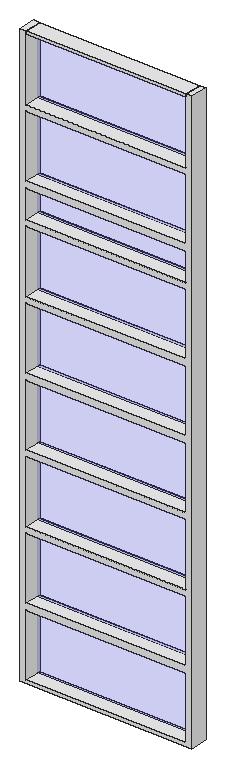
Revit family
Parameters
  창 패널 = ACW2 창 패널
  창 프레임 = ACW2 창 프레임
  높이 2 = 높이 1 * 2  # 600 mm
  높이 1 = Height / 17  # 300 mm
  Height = 5100 mm
  기본 씰 높이 = 0 mm
  Wall Closure = (empty or 0)
  Width = 1500 mm
  창 두께 = 150 mm
Reference planes
  plane 1: y = 0
  plane 2 "중심(왼쪽/오른쪽)": x = 0
  plane 3 "왼쪽": x = -750
  plane 4 "오른쪽": x = 750
  plane 5 "씰": z = 0
  plane 6 "헤드": z = 5100
  plane 7 "외부": y = 100
  plane 8 "내부": y = -100
  plane 9: z = 4500
  plane 10: z = 3900
  plane 11: z = 3600
  plane 12: z = 3000
  plane 13: z = 2400
  plane 14: z = 1800
  plane 15: z = 1200
  plane 16: z = 600
  plane 17: y = -75
  plane 18: y = 75
  plane 19: y = 66
  plane 20: y = 44
  plane 21: y = 35
  plane 22: x = -700
  plane 23: x = 700
  plane 24: z = 575
  plane 25: z = 625
  plane 26: z = 1175
  plane 27: z = 1225
  plane 28: z = 1775
  plane 29: z = 1825
  plane 30: z = 2375
  plane 31: z = 2425
  plane 32: z = 3025
  plane 33: z = 2975
  plane 34: z = 3575
  plane 35: z = 3625
  plane 36: z = 3875
  plane 37: z = 3925
  plane 38: z = 4475
  plane 39: z = 4525
  plane 40: z = 25
  plane 41: z = 5075
Forms (mm)
  Extrusion 1, solid, material "ACW2 창 프레임" <- "창 프레임"
    sketch origin (-2165.69, 265, 1175) x (0, 1, 0) y (1, 0, 0)
      loop
        line (-190, 2865.69) -> (-340, 2865.69) -> (-340, 1465.69) -> (-190, 1465.69) -> (-190, 2865.69)
    from 0 to -50
  Extrusion 2, solid, material "ACW2 창 프레임" <- "창 프레임"
    sketch origin (-2165.69, 265, 575) x (0, 1, 0) y (1, 0, 0)
      loop
        line (-190, 2865.69) -> (-340, 2865.69) -> (-340, 1465.69) -> (-190, 1465.69) -> (-190, 2865.69)
    from 0 to -50
  Extrusion 3, solid, material "ACW2 창 프레임" <- "창 프레임"
    sketch origin (-2165.69, 265, 1775) x (0, 1, 0) y (1, 0, 0)
      loop
        line (-190, 2865.69) -> (-340, 2865.69) -> (-340, 1465.69) -> (-190, 1465.69) -> (-190, 2865.69)
    from 0 to -50
  Extrusion 4, solid, material "ACW2 창 프레임" <- "창 프레임"
    sketch origin (-2165.69, 265, 2375) x (0, 1, 0) y (1, 0, 0)
      loop
        line (-190, 2865.69) -> (-340, 2865.69) -> (-340, 1465.69) -> (-190, 1465.69) -> (-190, 2865.69)
    from 0 to -50
  Extrusion 5, solid, material "ACW2 창 프레임" <- "창 프레임"
    sketch origin (-2165.69, 265, 2975) x (0, 1, 0) y (1, 0, 0)
      loop
        line (-190, 2865.69) -> (-340, 2865.69) -> (-340, 1465.69) -> (-190, 1465.69) -> (-190, 2865.69)
    from 0 to -50
  Extrusion 6, solid, material "ACW2 창 프레임" <- "창 프레임"
    sketch origin (-2165.69, 265, 3575) x (0, 1, 0) y (1, 0, 0)
      loop
        line (-190, 2865.69) -> (-340, 2865.69) -> (-340, 1465.69) -> (-190, 1465.69) -> (-190, 2865.69)
    from 0 to -50
  Extrusion 7, solid, material "ACW2 창 프레임" <- "창 프레임"
    sketch origin (-2165.69, 265, 3875) x (0, 1, 0) y (1, 0, 0)
      loop
        line (-190, 2865.69) -> (-340, 2865.69) -> (-340, 1465.69) -> (-190, 1465.69) -> (-190, 2865.69)
    from 0 to -50
  Extrusion 8, solid, material "ACW2 창 프레임" <- "창 프레임"
    sketch origin (-2165.69, 265, 4475) x (0, 1, 0) y (1, 0, 0)
      loop
        line (-190, 2865.69) -> (-340, 2865.69) -> (-340, 1465.69) -> (-190, 1465.69) -> (-190, 2865.69)
    from 0 to -50
  Extrusion 9, solid, material "ACW2 창 패널" <- "창 패널"
    sketch origin (0, 0, 0) x (1, 0, 0) y (0, 1, 0)
      loop
        line (-700, 66) -> (-700, 44) -> (700, 44) -> (700, 66) -> (-700, 66)
    from 25 to 575
  Extrusion 10, solid, material "ACW2 창 패널" <- "창 패널"
    sketch origin (0, 0, 575) x (1, 0, 0) y (0, 1, 0)
      loop
        line (-700, 66) -> (-700, 44) -> (700, 44) -> (700, 66) -> (-700, 66)
    from 50 to 600
  Extrusion 11, solid, material "ACW2 창 패널" <- "창 패널"
    sketch origin (0, 0, 1175) x (1, 0, 0) y (0, 1, 0)
      loop
        line (-700, 66) -> (-700, 44) -> (700, 44) -> (700, 66) -> (-700, 66)
    from 50 to 600
  Extrusion 12, solid, material "ACW2 창 패널" <- "창 패널"
    sketch origin (0, 0, 1775) x (1, 0, 0) y (0, 1, 0)
      loop
        line (-700, 66) -> (-700, 44) -> (700, 44) -> (700, 66) -> (-700, 66)
    from 50 to 600
  Extrusion 13, solid, material "ACW2 창 패널" <- "창 패널"
    sketch origin (0, 0, 2375) x (1, 0, 0) y (0, 1, 0)
      loop
        line (-700, 66) -> (-700, 44) -> (700, 44) -> (700, 66) -> (-700, 66)
    from 50 to 600
  Extrusion 14, solid, material "ACW2 창 패널" <- "창 패널"
    sketch origin (0, 0, 2975) x (1, 0, 0) y (0, 1, 0)
      loop
        line (-700, 66) -> (-700, 44) -> (700, 44) -> (700, 66) -> (-700, 66)
    from 50 to 600
  Extrusion 15, solid, material "ACW2 창 패널" <- "창 패널"
    sketch origin (0, 0, 3575) x (1, 0, 0) y (0, 1, 0)
      loop
        line (-700, 66) -> (-700, 44) -> (700, 44) -> (700, 66) -> (-700, 66)
    from 50 to 300
  Extrusion 16, solid, material "ACW2 창 패널" <- "창 패널"
    sketch origin (0, 0, 3875) x (1, 0, 0) y (0, 1, 0)
      loop
        line (-700, 66) -> (-700, 44) -> (700, 44) -> (700, 66) -> (-700, 66)
    from 50 to 600
  Extrusion 17, solid, material "ACW2 창 패널" <- "창 패널"
    sketch origin (0, 0, 4475) x (1, 0, 0) y (0, 1, 0)
      loop
        line (-700, 66) -> (-700, 44) -> (700, 44) -> (700, 66) -> (-700, 66)
    from 50 to 600
  Extrusion 18, solid, material "ACW2 창 프레임" <- "창 프레임"
    sketch origin (0, 0, 0) x (1, 0, 0) y (0, 1, 0)
      loop
        line (-750, 75) -> (-750, -75) -> (-700, -75) -> (-700, 75) -> (-750, 75)
      loop
        line (700, 75) -> (700, -75) -> (750, -75) -> (750, 75) -> (700, 75)
    from 0 to 5100
  Extrusion 19, solid, material "ACW2 창 프레임" <- "창 프레임"
    sketch origin (-2165.69, 265, 0) x (0, 1, 0) y (1, 0, 0)
      loop
        line (-190, 2865.69) -> (-340, 2865.69) -> (-340, 1465.69) -> (-190, 1465.69) -> (-190, 2865.69)
    from 0 to -25
  Extrusion 20, solid, material "ACW2 창 프레임" <- "창 프레임"
    sketch origin (-2165.69, 265, 5050) x (0, 1, 0) y (1, 0, 0)
      loop
        line (-190, 2865.69) -> (-340, 2865.69) -> (-340, 1465.69) -> (-190, 1465.69) -> (-190, 2865.69)
    from -25 to -50
Cuts and joins
  joined: Extrusion 1, Extrusion 2, Extrusion 3, Extrusion 4, Extrusion 5, Extrusion 6, Extrusion 7, Extrusion 8, Extrusion 18, Extrusion 19
Lines and regions (mm)
  Opening 1
    outline origin (3500, -100, 0) x (1, 0, 0) y (0, 0, 1)
      loop
        line (-2750, 0) -> (-2750, 5100) -> (-4250, 5100) -> (-4250, 0) -> (-2750, 0)
Text (mm)
  text "외부" at (-1963.203, 1332.353, 0), in view "참조 레벨"
  text "내부" at (-1981.466, -818.386, 0), in view "참조 레벨"
  text "외부" at (0, 923.751, 2943.296), in view "오른쪽"
  text "외부" at (0, 1040.484, 2685.409), in view "왼쪽"
Dimensions and locks
  equal spacing: plane 3 "왼쪽", plane 2 "중심(왼쪽/오른쪽)", plane 4 "오른쪽"
  "Width": plane 3 "왼쪽" to plane 4 "오른쪽"
  "Height": plane 5 "씰" to plane 6 "헤드"
  "기본 씰 높이": plane 5 "씰" to level
  locked: plane 7 "외부" to host wall at 0
  locked: plane 8 "내부" to host wall
  "창 두께": plane 18 to plane 17
  equal spacing: plane 18, plane 1, plane 17
  plane 18 to plane 19 to plane 20 to plane 21 = 9 mm locked, 22 mm locked, 9 mm locked
  locked: plane 3 "왼쪽" to plane 22 at 50
  locked: plane 23 to plane 4 "오른쪽" at 50
  locked: plane 41 to plane 6 "헤드" at 25
  locked: plane 5 "씰" to plane 40 at 25
  plane 38 to plane 9 to plane 39 = 25 mm locked, 25 mm locked
  plane 36 to plane 10 to plane 37 = 25 mm locked, 25 mm locked
  plane 34 to plane 11 to plane 35 = 25 mm locked, 25 mm locked
  plane 33 to plane 12 to plane 32 = 25 mm locked, 25 mm locked
  plane 30 to plane 13 to plane 31 = 25 mm locked, 25 mm locked
  plane 28 to plane 14 to plane 29 = 25 mm locked, 25 mm locked
  plane 26 to plane 15 to plane 27 = 25 mm locked, 25 mm locked
  plane 24 to plane 16 to plane 25 = 25 mm locked, 25 mm locked
  "높이 2": plane 9 to plane 6 "헤드"
  "높이 2": plane 10 to plane 9
  "높이 1": plane 11 to plane 10
  "높이 2": plane 12 to plane 11
  "높이 2": plane 13 to plane 12
  "높이 2": plane 14 to plane 13
  "높이 2": plane 15 to plane 14
  "높이 2": plane 16 to plane 15
  aligned and locked: Extrusion 9 to plane 24
  aligned and locked: Extrusion 10 to plane 26
  aligned and locked: plane 3 "왼쪽" to Extrusion 18 sketch curve
  aligned and locked: Extrusion 18 sketch curve to plane 18
  aligned and locked: plane 17 to Extrusion 18 sketch curve
  aligned and locked: plane 4 "오른쪽" to Extrusion 18 sketch curve
  aligned and locked: Extrusion 18 to host wall
  aligned and locked: Extrusion 20 to host wall
  aligned and locked: plane 41 to Extrusion 20
  aligned and locked: Extrusion 20 to plane 6 "헤드"
  aligned and locked: Extrusion 17 to plane 41
  aligned and locked: plane 40 to Extrusion 19
  aligned and locked: plane 5 "씰" to Extrusion 19
  aligned and locked: Extrusion 9 to plane 40
  aligned and locked: plane 5 "씰" to Extrusion 18
  aligned and locked: Extrusion 8 to plane 39
  aligned and locked: plane 38 to Extrusion 8
  aligned and locked: plane 39 to Extrusion 17
  aligned and locked: Extrusion 16 to plane 38
  aligned and locked: Extrusion 7 to plane 37
  aligned and locked: plane 36 to Extrusion 7
  aligned and locked: plane 37 to Extrusion 16
  aligned and locked: Extrusion 15 to plane 36
  aligned and locked: Extrusion 6 to plane 35
  aligned and locked: plane 34 to Extrusion 6
  aligned and locked: plane 35 to Extrusion 15
  aligned and locked: Extrusion 14 to plane 34
  aligned and locked: Extrusion 5 to plane 32
  aligned and locked: plane 33 to Extrusion 5
  aligned and locked: plane 32 to Extrusion 14
  aligned and locked: Extrusion 13 to plane 33
  aligned and locked: Extrusion 4 to plane 31
  aligned and locked: plane 30 to Extrusion 4
  aligned and locked: plane 31 to Extrusion 13
  aligned and locked: Extrusion 12 to plane 30
  aligned and locked: Extrusion 3 to plane 29
  aligned and locked: plane 28 to Extrusion 3
  aligned and locked: plane 29 to Extrusion 12
  aligned and locked: Extrusion 11 to plane 28
  aligned and locked: Extrusion 1 to plane 27
  aligned and locked: plane 26 to Extrusion 1
  aligned and locked: plane 27 to Extrusion 11
  aligned and locked: Extrusion 2 to plane 25
  aligned and locked: plane 24 to Extrusion 2
  aligned and locked: plane 25 to Extrusion 10
  aligned and locked: plane 6 "헤드" to Opening 1 sketch curve
  aligned and locked: plane 5 "씰" to Opening 1 sketch curve
  aligned and locked: plane 4 "오른쪽" to Opening 1 sketch curve
  aligned and locked: plane 3 "왼쪽" to Opening 1 sketch curve
Automatic sketch dimensions
  Extrusion 1 sketch curve to plane 17 = 0 mm
  Extrusion 1 sketch curve to plane 18 = 0 mm
  Extrusion 1 sketch curve to plane 23 = 0 mm
  Extrusion 1 sketch curve to plane 22 = 0 mm
  Extrusion 2 sketch curve to plane 17 = 0 mm
  Extrusion 2 sketch curve to plane 18 = 0 mm
  Extrusion 2 sketch curve to plane 23 = 0 mm
  Extrusion 2 sketch curve to plane 22 = 0 mm
  Extrusion 3 sketch curve to plane 17 = 0 mm
  Extrusion 3 sketch curve to plane 18 = 0 mm
  Extrusion 3 sketch curve to plane 23 = 0 mm
  Extrusion 3 sketch curve to plane 22 = 0 mm
  Extrusion 4 sketch curve to plane 17 = 0 mm
  Extrusion 4 sketch curve to plane 18 = 0 mm
  Extrusion 4 sketch curve to plane 23 = 0 mm
  Extrusion 4 sketch curve to plane 22 = 0 mm
  Extrusion 5 sketch curve to plane 17 = 0 mm
  Extrusion 5 sketch curve to plane 18 = 0 mm
  Extrusion 5 sketch curve to plane 23 = 0 mm
  Extrusion 5 sketch curve to plane 22 = 0 mm
  Extrusion 6 sketch curve to plane 17 = 0 mm
  Extrusion 6 sketch curve to plane 18 = 0 mm
  Extrusion 6 sketch curve to plane 23 = 0 mm
  Extrusion 6 sketch curve to plane 22 = 0 mm
  Extrusion 7 sketch curve to plane 17 = 0 mm
  Extrusion 7 sketch curve to plane 18 = 0 mm
  Extrusion 7 sketch curve to plane 23 = 0 mm
  Extrusion 7 sketch curve to plane 22 = 0 mm
  Extrusion 8 sketch curve to plane 17 = 0 mm
  Extrusion 8 sketch curve to plane 18 = 0 mm
  Extrusion 8 sketch curve to plane 23 = 0 mm
  Extrusion 8 sketch curve to plane 22 = 0 mm
  Extrusion 9 sketch curve to plane 20 = 0 mm
  Extrusion 9 sketch curve to plane 22 = 0 mm
  Extrusion 9 sketch curve to plane 23 = 0 mm
  Extrusion 9 sketch curve to plane 19 = 0 mm
  Extrusion 10 sketch curve to plane 20 = 0 mm
  Extrusion 10 sketch curve to plane 22 = 0 mm
  Extrusion 10 sketch curve to plane 23 = 0 mm
  Extrusion 10 sketch curve to plane 19 = 0 mm
  Extrusion 11 sketch curve to plane 20 = 0 mm
  Extrusion 11 sketch curve to plane 22 = 0 mm
  Extrusion 11 sketch curve to plane 23 = 0 mm
  Extrusion 11 sketch curve to plane 19 = 0 mm
  Extrusion 12 sketch curve to plane 20 = 0 mm
  Extrusion 12 sketch curve to plane 22 = 0 mm
  Extrusion 12 sketch curve to plane 23 = 0 mm
  Extrusion 12 sketch curve to plane 19 = 0 mm
  Extrusion 13 sketch curve to plane 20 = 0 mm
  Extrusion 13 sketch curve to plane 22 = 0 mm
  Extrusion 13 sketch curve to plane 23 = 0 mm
  Extrusion 13 sketch curve to plane 19 = 0 mm
  Extrusion 14 sketch curve to plane 20 = 0 mm
  Extrusion 14 sketch curve to plane 22 = 0 mm
  Extrusion 14 sketch curve to plane 23 = 0 mm
  Extrusion 14 sketch curve to plane 19 = 0 mm
  Extrusion 15 sketch curve to plane 20 = 0 mm
  Extrusion 15 sketch curve to plane 22 = 0 mm
  Extrusion 15 sketch curve to plane 23 = 0 mm
  Extrusion 15 sketch curve to plane 19 = 0 mm
  Extrusion 16 sketch curve to plane 20 = 0 mm
  Extrusion 16 sketch curve to plane 22 = 0 mm
  Extrusion 16 sketch curve to plane 23 = 0 mm
  Extrusion 16 sketch curve to plane 19 = 0 mm
  Extrusion 17 sketch curve to plane 20 = 0 mm
  Extrusion 17 sketch curve to plane 22 = 0 mm
  Extrusion 17 sketch curve to plane 23 = 0 mm
  Extrusion 17 sketch curve to plane 19 = 0 mm
  Extrusion 19 sketch curve to plane 17 = 0 mm
  Extrusion 19 sketch curve to plane 18 = 0 mm
  Extrusion 19 sketch curve to plane 23 = 0 mm
  Extrusion 19 sketch curve to plane 22 = 0 mm
  Extrusion 20 sketch curve to plane 17 = 0 mm
  Extrusion 20 sketch curve to plane 18 = 0 mm
  Extrusion 20 sketch curve to plane 23 = 0 mm
  Extrusion 20 sketch curve to plane 22 = 0 mm
  Extrusion 18 sketch curve to plane 17 = 0 mm
  Extrusion 18 sketch curve to plane 22 = 0 mm
  Extrusion 18 sketch curve to plane 18 = 0 mm
  Extrusion 18 sketch curve to plane 23 = 0 mm
